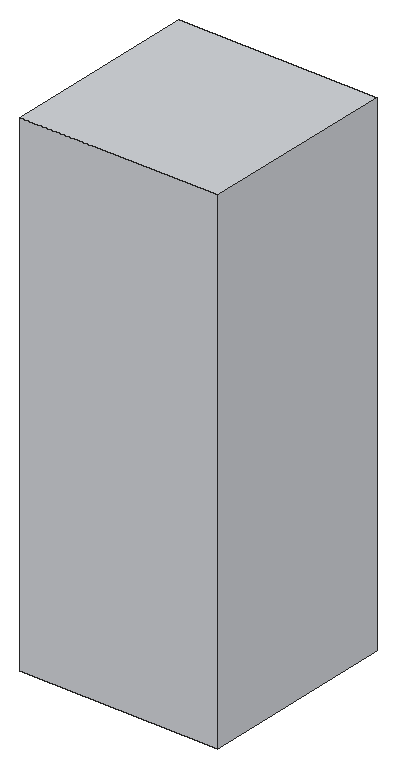
Revit family "SCADA_機櫃_GEN-RJ45-PP-01", category 電氣設備, Revit 2025
Family settings
  面板規劃 = 兩欄，回路穿越
  圓形接點標註 = 使用直徑
  組件類型 = 分電盤
  OmniClass 編號 = 23.80.30.11.17
  OmniClass 標題 = Distribution Boards and Control Panels
  以工作平面為基礎 = 否
  總是垂直 = 是
  載入時使用空心切割 = 否
  維持標註方位 = 否
  共用 = 否
  房間計算點 = 否
Parameters (values of type "RJ45跳線架")
  built-in parameter 1155100 [instance] = -1
  Default Elevation = 0 mm
  built-in parameter 1140142 [instance] = -1
  SCADA_高mm [instance] = "1500"
  SCADA_附錄F項次 [instance] = "無"
  SCADA_附錄D項次 [instance] = "無（SoW 附錄 D 未列）"
  SCADA_編號 [instance] = "GEN-RJ45-PP-01"
  SCADA_站點 [instance] = "待確認"
  SCADA_深mm [instance] = "600"
  SCADA_機櫃類型 [instance] = "RJ45跳線架"
  SCADA_期別 [instance] = "待確認"
  SCADA_房間 [instance] = "待確認"
  SCADA_建物 [instance] = "待確認"
  SCADA_尺寸 [instance] = "600W×600D×1500H"
  SCADA_寬mm [instance] = "600"
  SCADA_定位來源 [instance] = "獨立設備族群（載入專案後定位）"
  SCADA_備註 [instance] = "暫定規格，站點與放置位置待確認；編號為暫訂"
  SCADA_來源文件 [instance] = "使用者指示：暫定規格 600×600×1500 mm（長×寬×高）"
  SCADA_UPS電源110V [instance] = "無"
  built-in parameter 1140140 [instance] = 1 (stored number, unit not read)
Reference planes
  plane 1 "中心 (前/後)": y = 0
  plane 2: z = 0
  plane 3 "中心 (左/右)": x = 0
Forms (mm)
  Extrusion 1, solid
    sketch origin (0, 0, 0) x (1, 0, 0) y (0, 1, 0)
      loop
        line (-300, -300) -> (300, -300) -> (300, 300) -> (-300, 300) -> (-300, -300)
    from 0 to 1500
Dimensions and locks
  aligned and locked: level to plane 2
